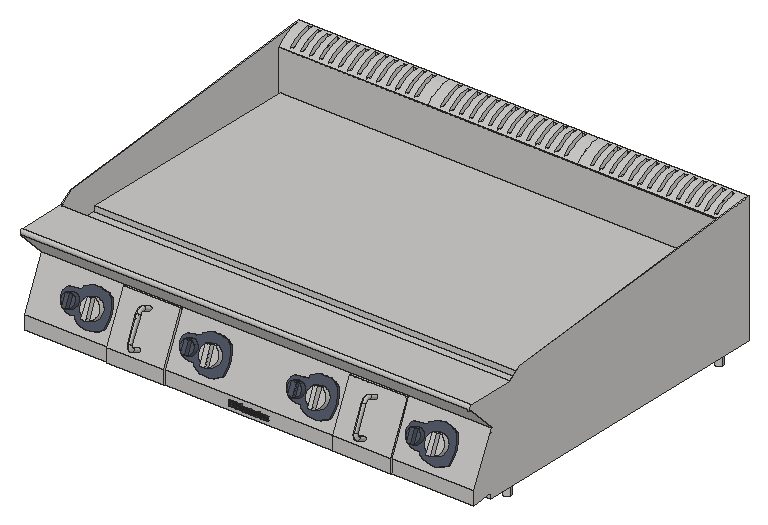
Revit family "QF_ELECTROLUXPROFESSIONAL_391407_E9IIMAAOMIA", category Specialty Equipment, Revit 2018
Family settings
  Round Connector Dimension = Use Diameter
  Part Type = Normal
  Work Plane-Based = No
  Always vertical = Yes
  Cut with Voids When Loaded = No
  Shared = No
  Room Calculation Point = No
Parameters
  Width = 1200 mm
  Weight in Pounds = 150  # constant formula
  Watts = 0 W
  URL Cutsheet = "www.electrolux.com"
  URL = "www.electrolux.com"
  Type Mark [instance] = ""
  Status [instance] = ""
  Specification by User [instance] = ""
  Specification by Manufacturer = ""
  Show Logo [instance] = yes
  Show Clearance [instance] = yes
  Serial Number = ""
  Seismic Rating = ""
  SMACNA No = ""
  Revision Code [instance] = ""
  Omniclass Number and Title = ""
  NAFEM Spec ID Number = ""
  Model = "391061"
  Mechanical Remarks [instance] = ""
  Mechanical Connection Type [instance] = ""
  Masterspec = ""
  Manufacturer = "ELECTROLUX"
  Item Number [instance] = ""
  Installed By [instance] = ""
  Identify Quantity as Lot [instance] = yes
  HP = "0 HP"
  Gas Size = 12.7 mm  # 1/2"
  Gas RI Height [instance] = 0 mm
  Gas KW [instance] = 33  # constant formula
  Gas Input [instance] = 32969.6 VA  # 112497.0 Btu/h
  Gas Connection Height = 0 mm
  Furnished By [instance] = ""
  Foodservice Equipment Identifier [instance] = yes
  Direct Waste Size = 0"
  Description = "900XP GAS FRY TOP, SMOOTH HORIZONTAL PLATE, MILD STEEL HP - 1200mm"
  Depth = 930 mm
  CSI MasterFormat = ""
  CSI Master Format = ""
Reference planes
  plane 1 "BACK": y = 0
  plane 2: z = 0
  plane 3 "LEFT": x = 0
  plane 4 "RIGHT": x = 1200
  plane 5 "FRONT": y = -930
  plane 6 "TOP": z = 369
  plane 7 "Center Y": x = 600
  plane 8 "Center X": y = -465
  plane 9: z = 24
  plane 10: x = 1189
  plane 11: x = 11
  plane 12: z = 275
  plane 13: y = -82
  plane 14: y = -790
  plane 15: x = 8
  plane 16: x = 1192
  plane 17: y = -1106
Forms (mm)
  Extrusion 1, solid, material "QF_Finishes_Stainless Steel"
    sketch origin (0, 0, 0) x (0, 1, 0) y (0, 0, 1)
      loop
        line (-795, 275) -> (-922.639, 275)
        arc (-922.639, 275) -> (-929.44, 270.456) -> (-927.844, 262.434) r 7.361
        line (-927.844, 262.434) -> (-857.044, 191.634) -> (-915, 65.714) -> (-915, 30.922) -> (-860.028, 36.7) -> (-860.028, 24) -> (0, 24) -> (0, 215) -> (-795, 215) -> (-795, 275)
    from 0 to 1200
  Extrusion 2, solid, material "QF_Finishes_Stainless Steel"
    sketch origin (0, 0, 0) x (1, 0, 0) y (0, 1, 0)
      loop
        circle (11, -82) r 9.525
      loop
        circle (11, -790) r 9.525
      loop
        circle (1189, -82) r 9.525
      loop
        circle (1189, -790) r 9.525
    from 0 to 24
  Extrusion 3, solid, material "QF_Finishes_Navy Blue", visible <- "Show Logo"
    sketch origin (201.023, -915, 33.59) x (0, 0, 1) y (-1, 0, 0)
      loop
        line (20.486, -355.047) -> (8.12, -355.047)
        arc (8.12, -355.047) -> (14.303, -359.618) -> (20.486, -355.047) r 6.467
      loop
        arc (20.486, -354.418) -> (19.317, -349.275) -> (14.662, -346.797) r 6.338
        line (14.662, -346.797) -> (14.662, -348.843)
        arc (14.662, -348.843) -> (16.145, -352.498) -> (19.591, -354.418) r 5.941
        line (19.591, -354.418) -> (20.486, -354.418)
      loop
        arc (9.015, -354.418) -> (12.461, -352.498) -> (13.945, -348.843) r 5.941
        line (13.945, -348.843) -> (13.945, -346.797)
        arc (13.945, -346.797) -> (9.25, -349.271) -> (7.961, -354.418) r 6.504
        line (7.961, -354.418) -> (9.015, -354.418)
      loop
        line (21.161, -346.328) -> (7.417, -346.328) -> (7.417, -360.091) -> (21.161, -360.091) -> (21.161, -346.328)
      loop
        arc (21.245, -363.058) -> (20.897, -362.701) -> (20.53, -363.039) r 0.358
        arc (20.53, -363.039) -> (20.216, -363.789) -> (19.499, -364.174) r 1.216
        line (19.499, -364.174) -> (9.087, -364.174)
        arc (9.087, -364.174) -> (8.427, -363.896) -> (8.031, -363.3) r 1.238
        arc (8.031, -363.3) -> (7.636, -363.049) -> (7.33, -363.403) r 0.358
        line (7.33, -363.403) -> (7.33, -373.282) -> (10.081, -373.282) -> (10.081, -372.385)
        arc (10.081, -372.385) -> (9.172, -371.805) -> (8.717, -370.828) r 1.928
        line (8.717, -370.828) -> (8.717, -368.329)
        arc (8.717, -368.329) -> (8.992, -367.6) -> (9.681, -367.236) r 1.101
        line (9.681, -367.236) -> (13.767, -367.236) -> (13.767, -370.909)
        arc (13.767, -370.909) -> (13.415, -371.407) -> (12.849, -371.634) r 1.083
        arc (12.849, -371.634) -> (12.586, -371.94) -> (12.878, -372.218) r 0.292
        line (12.878, -372.218) -> (15.84, -372.218)
        arc (15.84, -372.218) -> (16.143, -371.945) -> (15.904, -371.615) r 0.305
        arc (15.904, -371.615) -> (15.414, -371.367) -> (15.109, -370.909) r 1.083
        line (15.109, -370.909) -> (15.109, -367.236) -> (19.786, -367.236) -> (19.786, -370.983)
        arc (19.786, -370.983) -> (19.572, -371.739) -> (18.965, -372.237) r 1.314
        arc (18.965, -372.237) -> (18.746, -372.641) -> (19.101, -372.933) r 0.361
        line (19.101, -372.933) -> (21.245, -372.933) -> (21.245, -363.058)
      loop
        arc (20.528, -373.714) -> (20.147, -374.633) -> (19.229, -375.013) r 1.299
        line (19.229, -375.013) -> (9.65, -375.013)
        arc (9.65, -375.013) -> (8.812, -374.635) -> (8.54, -373.757) r 1.118
        line (8.54, -373.757) -> (7.33, -373.757) -> (7.33, -379.107) -> (8.519, -379.107)
        arc (8.519, -379.107) -> (8.79, -378.19) -> (9.66, -377.794) r 1.153
        line (9.66, -377.794) -> (21.733, -377.794) -> (20.528, -373.714)
      loop
        line (12.295, -381.743) -> (12.295, -388.191) -> (13.094, -388.191)
        arc (13.094, -388.191) -> (15.675, -387.206) -> (16.943, -384.752) r 3.874
        line (16.943, -384.752) -> (16.943, -382.992)
        arc (16.943, -382.992) -> (15.757, -380.127) -> (12.892, -378.941) r 4.051
        line (12.892, -378.941) -> (10.884, -378.941)
        arc (10.884, -378.941) -> (8.066, -380.426) -> (7.014, -383.433) r 4.352
        arc (7.014, -383.433) -> (7.378, -385.896) -> (8.756, -387.97) r 5.713
        line (8.756, -387.97) -> (9.705, -387.97)
        arc (9.705, -387.97) -> (8.972, -386.401) -> (8.756, -384.683) r 5.579
        arc (8.756, -384.683) -> (9.55, -382.72) -> (11.429, -381.743) r 3.057
        line (11.429, -381.743) -> (12.295, -381.743)
      loop
        line (13.554, -381.743) -> (13.554, -385.325)
        arc (13.554, -385.325) -> (15.011, -385.372) -> (15.894, -384.213) r 1.59
        line (15.894, -384.213) -> (15.894, -383.383)
        arc (15.894, -383.383) -> (15.03, -382.128) -> (13.554, -381.743) r 2.184
      loop
        arc (16.345, -397.608) -> (16.834, -395.934) -> (16.992, -394.197) r 9.023
        line (16.992, -394.197) -> (16.992, -392.835)
        arc (16.992, -392.835) -> (15.832, -390.035) -> (13.033, -388.876) r 3.959
        line (13.033, -388.876) -> (10.432, -388.876)
        arc (10.432, -388.876) -> (8.151, -390.168) -> (7.033, -392.541) r 4.331
        line (7.033, -392.541) -> (7.033, -394.676)
        arc (7.033, -394.676) -> (7.542, -396.226) -> (8.463, -397.572) r 5.772
        arc (8.463, -397.572) -> (9.225, -397.623) -> (9.311, -396.864) r 0.553
        arc (9.311, -396.864) -> (8.924, -396.13) -> (8.79, -395.311) r 2.573
        line (8.79, -395.311) -> (8.79, -393.796)
        arc (8.79, -393.796) -> (9.796, -392.154) -> (11.61, -391.512) r 2.884
        line (11.61, -391.512) -> (12.889, -391.512)
        arc (12.889, -391.512) -> (14.71, -392.072) -> (15.637, -393.737) r 2.554
        line (15.637, -393.737) -> (15.637, -394.79)
        arc (15.637, -394.79) -> (15.305, -395.718) -> (14.648, -396.453) r 2.564
        arc (14.648, -396.453) -> (14.427, -397.17) -> (15.036, -397.608) r 0.643
        line (15.036, -397.608) -> (16.345, -397.608)
      loop
        line (15.327, -397.878) -> (15.327, -399.379) -> (9.279, -399.379)
        arc (9.279, -399.379) -> (7.691, -400.037) -> (7.033, -401.625) r 2.246
        line (7.033, -401.625) -> (7.033, -403.209)
        arc (7.033, -403.209) -> (7.347, -404.073) -> (7.848, -404.845) r 4.06
        arc (7.848, -404.845) -> (8.58, -404.978) -> (8.832, -404.277) r 0.576
        arc (8.832, -404.277) -> (8.726, -403.751) -> (8.79, -403.219) r 1.69
        arc (8.79, -403.219) -> (9.331, -402.431) -> (10.238, -402.128) r 1.506
        line (10.238, -402.128) -> (15.376, -402.128) -> (15.376, -404.525) -> (15.932, -405.081) -> (16.754, -405.081) -> (16.754, -402.222) -> (19.985, -402.222) -> (15.327, -397.878)
      loop
        line (7.251, -405.979) -> (7.251, -411.366) -> (8.361, -411.366)
        arc (8.361, -411.366) -> (8.755, -410.415) -> (9.706, -410.021) r 1.345
        line (9.706, -410.021) -> (13.322, -410.021)
        arc (13.322, -410.021) -> (14.087, -410.613) -> (14.376, -411.535) r 1.615
        line (14.376, -411.535) -> (14.376, -413.091) -> (16.932, -413.776) -> (16.932, -412.393) -> (14.989, -409.834) -> (16.87, -409.834) -> (16.585, -407.128)
        arc (16.585, -407.128) -> (16.146, -406.598) -> (15.487, -406.799) r 0.621
        arc (15.487, -406.799) -> (15.086, -407.141) -> (14.592, -407.324) r 1.501
        line (14.592, -407.324) -> (9.706, -407.324)
        arc (9.706, -407.324) -> (8.755, -406.93) -> (8.361, -405.979) r 1.345
        line (8.361, -405.979) -> (7.251, -405.979)
      loop
        line (13.353, -413.313) -> (10.66, -413.313)
        arc (10.66, -413.313) -> (8.215, -414.621) -> (7.081, -417.151) r 4.288
        arc (7.081, -417.151) -> (7.018, -418.532) -> (7.081, -419.912) r 15.022
        arc (7.081, -419.912) -> (8.215, -422.443) -> (10.66, -423.75) r 4.288
        line (10.66, -423.75) -> (13.353, -423.75)
        arc (13.353, -423.75) -> (15.798, -422.443) -> (16.932, -419.912) r 4.288
        arc (16.932, -419.912) -> (16.996, -418.532) -> (16.932, -417.151) r 15.022
        arc (16.932, -417.151) -> (15.798, -414.621) -> (13.353, -413.313) r 4.288
      loop
        line (13.557, -416.427) -> (10.456, -416.427)
        arc (10.456, -416.427) -> (8.299, -418.584) -> (10.456, -420.741) r 2.157
        line (10.456, -420.741) -> (13.557, -420.741)
        arc (13.557, -420.741) -> (15.714, -418.584) -> (13.557, -416.427) r 2.157
      loop
        arc (20.538, -423.608) -> (20.168, -424.502) -> (19.274, -424.873) r 1.264
        line (19.274, -424.873) -> (9.409, -424.873)
        arc (9.409, -424.873) -> (8.539, -424.476) -> (8.268, -423.56) r 1.153
        line (8.268, -423.56) -> (7.33, -423.56) -> (7.33, -428.668) -> (8.259, -428.668)
        arc (8.259, -428.668) -> (8.618, -427.896) -> (9.409, -427.581) r 1.153
        line (9.409, -427.581) -> (21.733, -427.581) -> (20.538, -423.608)
      loop
        arc (15.658, -428.206) -> (15.459, -429.27) -> (14.49, -429.752) r 1.215
        line (14.49, -429.752) -> (9.47, -429.752)
        arc (9.47, -429.752) -> (7.856, -430.399) -> (7.135, -431.982) r 2.338
        line (7.135, -431.982) -> (7.135, -433.497)
        arc (7.135, -433.497) -> (7.309, -434.501) -> (7.812, -435.387) r 2.979
        line (7.812, -435.387) -> (7.33, -437.184) -> (7.33, -438.872) -> (16.756, -438.872) -> (16.462, -434.669) -> (15.675, -434.669)
        arc (15.675, -434.669) -> (15.32, -435.505) -> (14.567, -436.014) r 1.605
        line (14.567, -436.014) -> (9.465, -436.014)
        arc (9.465, -436.014) -> (9.044, -435.077) -> (8.972, -434.053) r 2.94
        arc (8.972, -434.053) -> (9.532, -432.952) -> (10.686, -432.509) r 1.724
        line (10.686, -432.509) -> (16.882, -432.509) -> (15.658, -428.206)
      loop
        line (16.687, -439.726) -> (15.014, -441.772) -> (11.841, -444.078) -> (8.384, -440.966)
        arc (8.384, -440.966) -> (8.147, -440.572) -> (8.169, -440.113) r 0.789
        line (8.169, -440.113) -> (7.33, -440.113) -> (7.33, -443.658) -> (8.157, -443.658)
        arc (8.157, -443.658) -> (8.499, -443.296) -> (8.989, -443.388) r 0.52
        line (8.989, -443.388) -> (10.789, -444.859) -> (8.67, -446.235)
        arc (8.67, -446.235) -> (8.269, -445.925) -> (8.183, -445.425) r 0.7
        line (8.183, -445.425) -> (7.33, -445.425) -> (7.33, -451.352) -> (8.217, -451.352)
        arc (8.217, -451.352) -> (8.284, -450.693) -> (8.679, -450.162) r 1.247
        line (8.679, -450.162) -> (12.878, -446.881) -> (15.326, -448.934) -> (16.687, -450.676) -> (16.687, -446.952) -> (15.202, -447.375) -> (13.68, -446.098) -> (15.38, -444.908) -> (16.687, -445.684) -> (16.687, -439.726)
    from 0 to 1.644
  Extrusion 4, solid, material "QF_Finishes_Stainless Steel"
    sketch origin (0, 0, 0) x (0, 1, 0) y (0, 0, 1)
      loop
        line (0, 215) -> (0, 369) -> (-761.596, 296.916) -> (-795, 275) -> (-795, 215) -> (0, 215)
    from 0 to 1.6
  Extrusion 5, solid, material "QF_Finishes_Stainless Steel"
    sketch origin (1200, 0, 0) x (0, -1, 0) y (0, 0, 1)
      loop
        line (0, 215) -> (795, 215) -> (795, 275) -> (761.596, 296.916) -> (0, 369) -> (0, 215)
    from 0 to 1.6
  Extrusion 6, solid, material "QF_Finishes_Stainless Steel"
    sketch origin (0, 0, 37.263) x (0, 1, 0) y (0, 0, 1)
      loop
        line (0, 300.038) -> (0, 331.738)
        arc (0, 331.738) -> (-37.941, 322.534) -> (-69.85, 300.038) r 104.419
        line (-69.85, 300.038) -> (0, 300.038)
    from 0 to 400.05
  Extrusion 7, void
    sketch origin (0, 0, 311.9) x (0, -1, 0) y (1, 0, 0)
      loop
        line (6.761, 29.703) -> (63.911, 29.703) -> (63.911, 38.999) -> (6.761, 38.999) -> (6.761, 29.703)
      loop
        line (63.911, 64.487) -> (6.761, 64.487) -> (6.761, 55.191) -> (63.911, 55.191) -> (63.911, 64.487)
      loop
        line (63.911, 89.975) -> (6.761, 89.975) -> (6.761, 80.68) -> (63.911, 80.68) -> (63.911, 89.975)
      loop
        line (63.911, 115.464) -> (6.761, 115.464) -> (6.761, 106.168) -> (63.911, 106.168) -> (63.911, 115.464)
      loop
        line (63.911, 140.952) -> (6.761, 140.952) -> (6.761, 131.656) -> (63.911, 131.656) -> (63.911, 140.952)
      loop
        line (63.911, 166.44) -> (6.761, 166.44) -> (6.761, 157.145) -> (63.911, 157.145) -> (63.911, 166.44)
      loop
        line (63.911, 191.929) -> (6.761, 191.929) -> (6.761, 182.633) -> (63.911, 182.633) -> (63.911, 191.929)
      loop
        line (63.911, 217.417) -> (6.761, 217.417) -> (6.761, 208.121) -> (63.911, 208.121) -> (63.911, 217.417)
      loop
        line (63.911, 242.905) -> (6.761, 242.905) -> (6.761, 233.61) -> (63.911, 233.61) -> (63.911, 242.905)
      loop
        line (63.911, 268.394) -> (6.761, 268.394) -> (6.761, 259.098) -> (63.911, 259.098) -> (63.911, 268.394)
      loop
        line (63.911, 293.882) -> (6.761, 293.882) -> (6.761, 284.586) -> (63.911, 284.586) -> (63.911, 293.882)
      loop
        line (63.911, 319.37) -> (6.761, 319.37) -> (6.761, 310.075) -> (63.911, 310.075) -> (63.911, 319.37)
      loop
        line (63.911, 344.859) -> (6.761, 344.859) -> (6.761, 335.563) -> (63.911, 335.563) -> (63.911, 344.859)
      loop
        line (63.911, 370.347) -> (6.761, 370.347) -> (6.761, 361.051) -> (63.911, 361.051) -> (63.911, 370.347)
    from 27.825 to 63.5
  Extrusion 8, solid, material "QF_Finishes_Stainless Steel"
    sketch origin (400.05, 0, 37.263) x (0, 1, 0) y (0, 0, 1)
      loop
        line (0, 300.038) -> (0, 331.738)
        arc (0, 331.738) -> (-37.941, 322.534) -> (-69.85, 300.038) r 104.419
        line (-69.85, 300.038) -> (0, 300.038)
    from 0 to 400.05
  Extrusion 9, void
    sketch origin (400.05, 0, 311.9) x (0, -1, 0) y (1, 0, 0)
      loop
        line (6.761, 29.703) -> (63.911, 29.703) -> (63.911, 38.999) -> (6.761, 38.999) -> (6.761, 29.703)
      loop
        line (63.911, 64.487) -> (6.761, 64.487) -> (6.761, 55.191) -> (63.911, 55.191) -> (63.911, 64.487)
      loop
        line (63.911, 89.975) -> (6.761, 89.975) -> (6.761, 80.68) -> (63.911, 80.68) -> (63.911, 89.975)
      loop
        line (63.911, 115.464) -> (6.761, 115.464) -> (6.761, 106.168) -> (63.911, 106.168) -> (63.911, 115.464)
      loop
        line (63.911, 140.952) -> (6.761, 140.952) -> (6.761, 131.656) -> (63.911, 131.656) -> (63.911, 140.952)
      loop
        line (63.911, 166.44) -> (6.761, 166.44) -> (6.761, 157.145) -> (63.911, 157.145) -> (63.911, 166.44)
      loop
        line (63.911, 191.929) -> (6.761, 191.929) -> (6.761, 182.633) -> (63.911, 182.633) -> (63.911, 191.929)
      loop
        line (63.911, 217.417) -> (6.761, 217.417) -> (6.761, 208.121) -> (63.911, 208.121) -> (63.911, 217.417)
      loop
        line (63.911, 242.905) -> (6.761, 242.905) -> (6.761, 233.61) -> (63.911, 233.61) -> (63.911, 242.905)
      loop
        line (63.911, 268.394) -> (6.761, 268.394) -> (6.761, 259.098) -> (63.911, 259.098) -> (63.911, 268.394)
      loop
        line (63.911, 293.882) -> (6.761, 293.882) -> (6.761, 284.586) -> (63.911, 284.586) -> (63.911, 293.882)
      loop
        line (63.911, 319.37) -> (6.761, 319.37) -> (6.761, 310.075) -> (63.911, 310.075) -> (63.911, 319.37)
      loop
        line (63.911, 344.859) -> (6.761, 344.859) -> (6.761, 335.563) -> (63.911, 335.563) -> (63.911, 344.859)
      loop
        line (63.911, 370.347) -> (6.761, 370.347) -> (6.761, 361.051) -> (63.911, 361.051) -> (63.911, 370.347)
    from 27.825 to 63.5
  Extrusion 10, solid, material "QF_Finishes_Stainless Steel"
    sketch origin (800.1, 0, 37.263) x (0, 1, 0) y (0, 0, 1)
      loop
        line (0, 300.038) -> (0, 331.738)
        arc (0, 331.738) -> (-37.941, 322.534) -> (-69.85, 300.038) r 104.419
        line (-69.85, 300.038) -> (0, 300.038)
    from 0 to 399.9
  Extrusion 11, void
    sketch origin (800.1, 0, 311.9) x (0, -1, 0) y (1, 0, 0)
      loop
        line (6.761, 29.703) -> (63.911, 29.703) -> (63.911, 38.999) -> (6.761, 38.999) -> (6.761, 29.703)
      loop
        line (63.911, 64.487) -> (6.761, 64.487) -> (6.761, 55.191) -> (63.911, 55.191) -> (63.911, 64.487)
      loop
        line (63.911, 89.975) -> (6.761, 89.975) -> (6.761, 80.68) -> (63.911, 80.68) -> (63.911, 89.975)
      loop
        line (63.911, 115.464) -> (6.761, 115.464) -> (6.761, 106.168) -> (63.911, 106.168) -> (63.911, 115.464)
      loop
        line (63.911, 140.952) -> (6.761, 140.952) -> (6.761, 131.656) -> (63.911, 131.656) -> (63.911, 140.952)
      loop
        line (63.911, 166.44) -> (6.761, 166.44) -> (6.761, 157.145) -> (63.911, 157.145) -> (63.911, 166.44)
      loop
        line (63.911, 191.929) -> (6.761, 191.929) -> (6.761, 182.633) -> (63.911, 182.633) -> (63.911, 191.929)
      loop
        line (63.911, 217.417) -> (6.761, 217.417) -> (6.761, 208.121) -> (63.911, 208.121) -> (63.911, 217.417)
      loop
        line (63.911, 242.905) -> (6.761, 242.905) -> (6.761, 233.61) -> (63.911, 233.61) -> (63.911, 242.905)
      loop
        line (63.911, 268.394) -> (6.761, 268.394) -> (6.761, 259.098) -> (63.911, 259.098) -> (63.911, 268.394)
      loop
        line (63.911, 293.882) -> (6.761, 293.882) -> (6.761, 284.586) -> (63.911, 284.586) -> (63.911, 293.882)
      loop
        line (63.911, 319.37) -> (6.761, 319.37) -> (6.761, 310.075) -> (63.911, 310.075) -> (63.911, 319.37)
      loop
        line (63.911, 344.859) -> (6.761, 344.859) -> (6.761, 335.563) -> (63.911, 335.563) -> (63.911, 344.859)
      loop
        line (63.911, 370.347) -> (6.761, 370.347) -> (6.761, 361.051) -> (63.911, 361.051) -> (63.911, 370.347)
    from 27.825 to 63.5
  Extrusion 12, solid, material "QF_Finishes_Stainless Steel"
    sketch origin (0, 0, 0) x (0, 1, 0) y (0, 0, 1)
      loop
        line (-71.515, 230) -> (-689.956, 230) -> (-689.956, 215) -> (-71.515, 215) -> (-71.515, 230)
    from 8 to 1192
  Extrusion 13, solid, material "QF_Finishes_Stainless Steel"
    sketch origin (0, -795, 215) x (0, 1, 0) y (-1, 0, 0)
      loop
        line (795, -1.6) -> (723.485, -1.6) -> (723.485, -1198.4) -> (795, -1198.4) -> (795, -1.6)
    from 0 to 122.3
  Extrusion 14, solid, material "QF_Finishes_Stainless Steel"
    sketch origin (221.15, -201.228, -3.289) x (0, 1, 0) y (0, 0, 1)
      loop
        line (-657.416, 191.447) -> (-660.323, 192.784) -> (-716.972, 69.704) -> (-716.972, 34.211) -> (-713.772, 34.211) -> (-713.772, 69.003) -> (-657.416, 191.447)
    from 0 to 153.85
  Extrusion 15, solid, material "QF_Door-Drawer Clearances", visible <- "Show Clearance", detail levels coarse
    sketch origin (221.15, -201.228, -3.289) x (0, 1, 0) y (0, 0, 1)
      loop
        line (-660.323, 192.784) -> (-823.717, 192.784) -> (-880.366, 69.704) -> (-880.366, 34.211) -> (-716.972, 34.211) -> (-716.972, 69.704) -> (-660.323, 192.784)
    from 0 to 153.85
  Extrusion 16, solid, material "QF_Finishes_Stainless Steel"
    sketch origin (978.85, -201.228, -3.289) x (0, 1, 0) y (0, 0, -1)
      loop
        line (-657.416, -191.447) -> (-713.772, -69.003) -> (-713.772, -34.211) -> (-716.972, -34.211) -> (-716.972, -69.704) -> (-660.323, -192.784) -> (-657.416, -191.447)
    from 0 to 153.85
  Extrusion 17, solid, material "QF_Door-Drawer Clearances", visible <- "Show Clearance", detail levels coarse
    sketch origin (978.85, -201.228, -3.289) x (0, 1, 0) y (0, 0, -1)
      loop
        line (-660.323, -192.784) -> (-716.972, -69.704) -> (-716.972, -34.211) -> (-880.366, -34.211) -> (-880.366, -69.704) -> (-823.717, -192.784) -> (-660.323, -192.784)
    from 0 to 153.85
  Extrusion 18, solid, material "QF_Finishes_Navy Blue"
    sketch origin (-58.715, -915.512, 64.603) x (0, 0.418102, 0.9084) y (-1, 0, 0)
      loop
        arc (104.355, -502.587) -> (101.326, -501.258) -> (98.25, -500.039) r 91.066
        arc (98.25, -500.039) -> (96.592, -482.449) -> (93.213, -465.107) r 179.528
        arc (93.213, -465.107) -> (69.244, -452.795) -> (45.274, -465.107) r 29.489
        arc (45.274, -465.107) -> (38.909, -481.441) -> (37.449, -498.912) r 61.044
        arc (37.449, -498.912) -> (34.471, -499.962) -> (31.532, -501.116) r 91.066
        arc (31.532, -501.116) -> (19.517, -540.223) -> (32.929, -578.873) r 65.817
        arc (32.929, -578.873) -> (68.105, -585.173) -> (102.996, -577.452) r 91.066
        arc (102.996, -577.452) -> (115.418, -540.233) -> (104.355, -502.587) r 65.546
    from 0 to 3.175
  Extrusion 19, solid, material "QF_Finishes_Stainless Steel"
    sketch origin (320.035, -919.225, 64.128) x (0, 0.418102, 0.9084) y (-1, 0, 0)
      loop
        circle (68.826, -160.963) r 25.4
    from 0 to 12.7
  Extrusion 20, solid, material "QF_Finishes_Stainless Steel"
    sketch origin (320.035, -930.762, 69.438) x (0, 0.418102, 0.9084) y (-1, 0, 0)
      loop
        arc (93.558, -166.749) -> (94.226, -160.963) -> (93.558, -155.177) r 25.4
        line (93.558, -155.177) -> (44.094, -155.177)
        arc (44.094, -155.177) -> (43.426, -160.963) -> (44.094, -166.749) r 25.4
        line (44.094, -166.749) -> (93.558, -166.749)
    from 0 to 12.7
  Extrusion 21, solid, material "QF_Finishes_Navy Blue"
    sketch origin (262.535, -919.225, 64.128) x (0, 0.418102, 0.9084) y (-1, 0, 0)
      loop
        circle (68.826, -160.963) r 18.37
    from 0 to 12.7
  Extrusion 22, solid, material "QF_Finishes_Navy Blue"
    sketch origin (261.244, -930.762, 69.438) x (0, 0.418102, 0.9084) y (-1, 0, 0)
      loop
        arc (84.808, -167.687) -> (85.476, -161.901) -> (84.808, -156.114) r 25.4
        line (84.808, -156.114) -> (52.844, -156.114)
        arc (52.844, -156.114) -> (52.176, -161.901) -> (52.844, -167.687) r 25.4
        line (52.844, -167.687) -> (84.808, -167.687)
    from 0 to 8.112
  Extrusion 23, solid, material "QF_Finishes_Navy Blue"
    sketch origin (-376.215, -915.512, 64.603) x (0, 0.418102, 0.9084) y (-1, 0, 0)
      loop
        arc (104.355, -502.587) -> (101.326, -501.258) -> (98.25, -500.039) r 91.066
        arc (98.25, -500.039) -> (96.592, -482.449) -> (93.213, -465.107) r 179.528
        arc (93.213, -465.107) -> (69.244, -452.795) -> (45.274, -465.107) r 29.489
        arc (45.274, -465.107) -> (38.909, -481.441) -> (37.449, -498.912) r 61.044
        arc (37.449, -498.912) -> (34.471, -499.962) -> (31.532, -501.116) r 91.066
        arc (31.532, -501.116) -> (19.517, -540.223) -> (32.929, -578.873) r 65.817
        arc (32.929, -578.873) -> (68.105, -585.173) -> (102.996, -577.452) r 91.066
        arc (102.996, -577.452) -> (115.418, -540.233) -> (104.355, -502.587) r 65.546
    from 0 to 3.175
  Extrusion 24, solid, material "QF_Finishes_Stainless Steel"
    sketch origin (2.535, -919.225, 64.128) x (0, 0.418102, 0.9084) y (-1, 0, 0)
      loop
        circle (68.826, -160.963) r 25.4
    from 0 to 12.7
  Extrusion 25, solid, material "QF_Finishes_Stainless Steel"
    sketch origin (2.535, -930.762, 69.438) x (0, 0.418102, 0.9084) y (-1, 0, 0)
      loop
        arc (93.558, -166.749) -> (94.226, -160.963) -> (93.558, -155.177) r 25.4
        line (93.558, -155.177) -> (44.094, -155.177)
        arc (44.094, -155.177) -> (43.426, -160.963) -> (44.094, -166.749) r 25.4
        line (44.094, -166.749) -> (93.558, -166.749)
    from 0 to 12.7
  Extrusion 26, solid, material "QF_Finishes_Navy Blue"
    sketch origin (-54.965, -919.225, 64.128) x (0, 0.418102, 0.9084) y (-1, 0, 0)
      loop
        circle (68.826, -160.963) r 18.37
    from 0 to 12.7
  Extrusion 27, solid, material "QF_Finishes_Navy Blue"
    sketch origin (-56.256, -930.762, 69.438) x (0, 0.418102, 0.9084) y (-1, 0, 0)
      loop
        arc (84.808, -167.687) -> (85.476, -161.901) -> (84.808, -156.114) r 25.4
        line (84.808, -156.114) -> (52.844, -156.114)
        arc (52.844, -156.114) -> (52.176, -161.901) -> (52.844, -167.687) r 25.4
        line (52.844, -167.687) -> (84.808, -167.687)
    from 0 to 8.112
  Extrusion 28, solid, material "QF_Finishes_Navy Blue"
    sketch origin (545.135, -915.512, 64.603) x (0, 0.418102, 0.9084) y (-1, 0, 0)
      loop
        arc (104.355, -502.587) -> (101.326, -501.258) -> (98.25, -500.039) r 91.066
        arc (98.25, -500.039) -> (96.592, -482.449) -> (93.213, -465.107) r 179.528
        arc (93.213, -465.107) -> (69.244, -452.795) -> (45.274, -465.107) r 29.489
        arc (45.274, -465.107) -> (38.909, -481.441) -> (37.449, -498.912) r 61.044
        arc (37.449, -498.912) -> (34.471, -499.962) -> (31.532, -501.116) r 91.066
        arc (31.532, -501.116) -> (19.517, -540.223) -> (32.929, -578.873) r 65.817
        arc (32.929, -578.873) -> (68.105, -585.173) -> (102.996, -577.452) r 91.066
        arc (102.996, -577.452) -> (115.418, -540.233) -> (104.355, -502.587) r 65.546
    from 0 to 3.175
  Extrusion 29, solid, material "QF_Finishes_Stainless Steel"
    sketch origin (923.885, -919.225, 64.128) x (0, 0.418102, 0.9084) y (-1, 0, 0)
      loop
        circle (68.826, -160.963) r 25.4
    from 0 to 12.7
  Extrusion 30, solid, material "QF_Finishes_Stainless Steel"
    sketch origin (923.885, -930.762, 69.438) x (0, 0.418102, 0.9084) y (-1, 0, 0)
      loop
        arc (93.558, -166.749) -> (94.226, -160.963) -> (93.558, -155.177) r 25.4
        line (93.558, -155.177) -> (44.094, -155.177)
        arc (44.094, -155.177) -> (43.426, -160.963) -> (44.094, -166.749) r 25.4
        line (44.094, -166.749) -> (93.558, -166.749)
    from 0 to 12.7
  Extrusion 31, solid, material "QF_Finishes_Navy Blue"
    sketch origin (866.385, -919.225, 64.128) x (0, 0.418102, 0.9084) y (-1, 0, 0)
      loop
        circle (68.826, -160.963) r 18.37
    from 0 to 12.7
  Extrusion 32, solid, material "QF_Finishes_Navy Blue"
    sketch origin (865.094, -930.762, 69.438) x (0, 0.418102, 0.9084) y (-1, 0, 0)
      loop
        arc (84.808, -167.687) -> (85.476, -161.901) -> (84.808, -156.114) r 25.4
        line (84.808, -156.114) -> (52.844, -156.114)
        arc (52.844, -156.114) -> (52.176, -161.901) -> (52.844, -167.687) r 25.4
        line (52.844, -167.687) -> (84.808, -167.687)
    from 0 to 8.112
  Extrusion 33, solid, material "QF_Finishes_Navy Blue"
    sketch origin (227.635, -915.512, 64.603) x (0, 0.418102, 0.9084) y (-1, 0, 0)
      loop
        arc (104.355, -502.587) -> (101.326, -501.258) -> (98.25, -500.039) r 91.066
        arc (98.25, -500.039) -> (96.592, -482.449) -> (93.213, -465.107) r 179.528
        arc (93.213, -465.107) -> (69.244, -452.795) -> (45.274, -465.107) r 29.489
        arc (45.274, -465.107) -> (38.909, -481.441) -> (37.449, -498.912) r 61.044
        arc (37.449, -498.912) -> (34.471, -499.962) -> (31.532, -501.116) r 91.066
        arc (31.532, -501.116) -> (19.517, -540.223) -> (32.929, -578.873) r 65.817
        arc (32.929, -578.873) -> (68.105, -585.173) -> (102.996, -577.452) r 91.066
        arc (102.996, -577.452) -> (115.418, -540.233) -> (104.355, -502.587) r 65.546
    from 0 to 3.175
  Extrusion 34, solid, material "QF_Finishes_Stainless Steel"
    sketch origin (606.385, -919.225, 64.128) x (0, 0.418102, 0.9084) y (-1, 0, 0)
      loop
        circle (68.826, -160.963) r 25.4
    from 0 to 12.7
  Extrusion 35, solid, material "QF_Finishes_Stainless Steel"
    sketch origin (606.385, -930.762, 69.438) x (0, 0.418102, 0.9084) y (-1, 0, 0)
      loop
        arc (93.558, -166.749) -> (94.226, -160.963) -> (93.558, -155.177) r 25.4
        line (93.558, -155.177) -> (44.094, -155.177)
        arc (44.094, -155.177) -> (43.426, -160.963) -> (44.094, -166.749) r 25.4
        line (44.094, -166.749) -> (93.558, -166.749)
    from 0 to 12.7
  Extrusion 36, solid, material "QF_Finishes_Navy Blue"
    sketch origin (548.885, -919.225, 64.128) x (0, 0.418102, 0.9084) y (-1, 0, 0)
      loop
        circle (68.826, -160.963) r 18.37
    from 0 to 12.7
  Extrusion 37, solid, material "QF_Finishes_Navy Blue"
    sketch origin (547.594, -930.762, 69.438) x (0, 0.418102, 0.9084) y (-1, 0, 0)
      loop
        arc (84.808, -167.687) -> (85.476, -161.901) -> (84.808, -156.114) r 25.4
        line (84.808, -156.114) -> (52.844, -156.114)
        arc (52.844, -156.114) -> (52.176, -161.901) -> (52.844, -167.687) r 25.4
        line (52.844, -167.687) -> (84.808, -167.687)
    from 0 to 8.112
  Extrusion 38, solid, material "QF_Finishes_Stainless Steel"
    sketch origin (0, 0, 311.9) x (0, 0, 1) y (1, 0, 0)
      loop
        circle (-252.55, 1155) r 6.35
    from 0 to 1.6
  Sweep 39, solid, material "QF_Door-Drawer Clearances", visible <- "Show Clearance", detail levels coarse
    path origin (298.65, -364.622, -3.289) x (0, 1, 0) y (0, 0, 1)
      loop
        line (-670.615, 170.424) -> (-691.243, 179.918)
        arc (-691.243, 179.918) -> (-700.956, 180.294) -> (-708.09, 173.692) r 12.7
        line (-708.09, 173.692) -> (-735.638, 113.839)
        arc (-735.638, 113.839) -> (-736.013, 104.126) -> (-729.411, 96.993) r 12.7
        line (-729.411, 96.993) -> (-708.782, 87.498)
    profile origin (298.65, -1045.551, 171.882) x (0, -0.418102, -0.9084) y (1, 0, 0)
      loop
        circle (0, 0) r 4.572
  Sweep 40, solid, material "QF_Door-Drawer Clearances", visible <- "Show Clearance", detail levels coarse
    path origin (901.35, -364.622, -3.289) x (0, 1, 0) y (0, 0, -1)
      loop
        line (-670.615, -170.424) -> (-691.243, -179.918)
        arc (-691.243, -179.918) -> (-700.956, -180.294) -> (-708.09, -173.692) r 12.7
        line (-708.09, -173.692) -> (-735.638, -113.839)
        arc (-735.638, -113.839) -> (-736.013, -104.126) -> (-729.411, -96.993) r 12.7
        line (-729.411, -96.993) -> (-708.782, -87.498)
    profile origin (901.35, -1045.551, 171.882) x (0, 0.418102, 0.9084) y (-1, 0, 0)
      loop
        circle (0, 0) r 4.572
  Extrusion 41, void
    sketch origin (0, 0, 0) x (1, 0, 0) y (0, 1, 0)
      loop
        circle (299.572, -743.936) r 20
      loop
        circle (900.428, -743.936) r 20
    from 174.463 to 215
  Extrusion 42, solid, material "QF_Clearances", visible <- "Show Clearance", detail levels coarse
    sketch origin (0, 0, 0) x (1, 0, 0) y (0, 1, 0)
      loop
        line (1200, -930) -> (1300, -930) -> (1300, 100) -> (-100, 100) -> (-100, -930) -> (0, -930) -> (0, 0) -> (1200, 0) -> (1200, -930)
    from 0 to 369
  Sweep 43, solid, material "QF_Finishes_Stainless Steel"
    path origin (298.65, -201.228, -3.289) x (0, 1, 0) y (0, 0, 1)
      loop
        line (-670.615, 170.424) -> (-691.243, 179.918)
        arc (-691.243, 179.918) -> (-700.956, 180.294) -> (-708.09, 173.692) r 12.7
        line (-708.09, 173.692) -> (-735.638, 113.839)
        arc (-735.638, 113.839) -> (-736.013, 104.126) -> (-729.411, 96.993) r 12.7
        line (-729.411, 96.993) -> (-708.782, 87.498)
    profile origin (298.65, -882.157, 171.882) x (0, -0.418102, -0.9084) y (1, 0, 0)
      loop
        circle (0, 0) r 4.572
  Sweep 44, solid, material "QF_Finishes_Stainless Steel"
    path origin (901.35, -201.228, -3.289) x (0, 1, 0) y (0, 0, -1)
      loop
        line (-670.615, -170.424) -> (-691.243, -179.918)
        arc (-691.243, -179.918) -> (-700.956, -180.294) -> (-708.09, -173.692) r 12.7
        line (-708.09, -173.692) -> (-735.638, -113.839)
        arc (-735.638, -113.839) -> (-736.013, -104.126) -> (-729.411, -96.993) r 12.7
        line (-729.411, -96.993) -> (-708.782, -87.498)
    profile origin (901.35, -882.157, 171.882) x (0, 0.418102, 0.9084) y (-1, 0, 0)
      loop
        circle (0, 0) r 4.572
Cuts and joins
  Extrusion 41 cuts Extrusion 1
  Extrusion 7, Extrusion 9 cuts Extrusion 6
  Extrusion 9, Extrusion 11 cuts Extrusion 8
  Extrusion 11 cuts Extrusion 10
  joined: Extrusion 1, Extrusion 4, Extrusion 5, Extrusion 6, Extrusion 8, Extrusion 10, Extrusion 13
Lines and regions (mm)
  symbolic lines
    curve 1: circle (299.572, -743.936, 0) r 20 normal (0, 0, 1)
    curve 2: circle (900.428, -743.936, 0) r 20 normal (0, 0, -1)
    curve 3: line (1200, -930, 0) -> (0, -930, 0)
    curve 4: line (0, 0, 0) -> (0, -930, 0)
    curve 5: line (1200, -930, 0) -> (1200, 0, 0)
    curve 6: line (1200, 0, 0) -> (0, 0, 0)
    curve 7: line (8, -689.956, 0) -> (1192, -689.956, 0)
    curve 8: line (1198.4, -795, 0) -> (1.6, -795, 0)
    curve 27: line (0, -71.515, 0) -> (1200, -71.515, 0)
    curve 28: line (1170.447, -63.911, 0) -> (1161.151, -63.911, 0)
    curve 29: line (1170.447, -6.761, 0) -> (1170.447, -63.911, 0)
    curve 30: line (1161.151, -6.761, 0) -> (1170.447, -6.761, 0)
    curve 31: line (1161.151, -63.911, 0) -> (1161.151, -6.761, 0)
    curve 32: line (1144.959, -63.911, 0) -> (1135.663, -63.911, 0)
    curve 33: line (1144.959, -6.761, 0) -> (1144.959, -63.911, 0)
    curve 34: line (1135.663, -6.761, 0) -> (1144.959, -6.761, 0)
    curve 35: line (1135.663, -63.911, 0) -> (1135.663, -6.761, 0)
    curve 36: line (1119.47, -63.911, 0) -> (1110.175, -63.911, 0)
    curve 37: line (1119.47, -6.761, 0) -> (1119.47, -63.911, 0)
    curve 38: line (1110.175, -6.761, 0) -> (1119.47, -6.761, 0)
    curve 39: line (1110.175, -63.911, 0) -> (1110.175, -6.761, 0)
    curve 40: line (1093.982, -63.911, 0) -> (1084.686, -63.911, 0)
    curve 41: line (1093.982, -6.761, 0) -> (1093.982, -63.911, 0)
    curve 42: line (1084.686, -6.761, 0) -> (1093.982, -6.761, 0)
    curve 43: line (1084.686, -63.911, 0) -> (1084.686, -6.761, 0)
    curve 44: line (1068.494, -63.911, 0) -> (1059.198, -63.911, 0)
    curve 45: line (1068.494, -6.761, 0) -> (1068.494, -63.911, 0)
    curve 46: line (1059.198, -6.761, 0) -> (1068.494, -6.761, 0)
    curve 47: line (1059.198, -63.911, 0) -> (1059.198, -6.761, 0)
    curve 48: line (1043.005, -63.911, 0) -> (1033.71, -63.911, 0)
    curve 49: line (1043.005, -6.761, 0) -> (1043.005, -63.911, 0)
    curve 50: line (1033.71, -6.761, 0) -> (1043.005, -6.761, 0)
    curve 51: line (1033.71, -63.911, 0) -> (1033.71, -6.761, 0)
    curve 52: line (1017.517, -63.911, 0) -> (1008.221, -63.911, 0)
    curve 53: line (1017.517, -6.761, 0) -> (1017.517, -63.911, 0)
    curve 54: line (1008.221, -6.761, 0) -> (1017.517, -6.761, 0)
    curve 55: line (1008.221, -63.911, 0) -> (1008.221, -6.761, 0)
    curve 56: line (992.029, -63.911, 0) -> (982.733, -63.911, 0)
    curve 57: line (992.029, -6.761, 0) -> (992.029, -63.911, 0)
    curve 58: line (982.733, -6.761, 0) -> (992.029, -6.761, 0)
    curve 59: line (982.733, -63.911, 0) -> (982.733, -6.761, 0)
    curve 60: line (966.54, -63.911, 0) -> (957.245, -63.911, 0)
    curve 61: line (966.54, -6.761, 0) -> (966.54, -63.911, 0)
    curve 62: line (957.245, -6.761, 0) -> (966.54, -6.761, 0)
    curve 63: line (957.245, -63.911, 0) -> (957.245, -6.761, 0)
    curve 64: line (941.052, -63.911, 0) -> (931.756, -63.911, 0)
    curve 65: line (941.052, -6.761, 0) -> (941.052, -63.911, 0)
    curve 66: line (931.756, -6.761, 0) -> (941.052, -6.761, 0)
    curve 67: line (931.756, -63.911, 0) -> (931.756, -6.761, 0)
    curve 68: line (915.564, -63.911, 0) -> (906.268, -63.911, 0)
    curve 69: line (915.564, -6.761, 0) -> (915.564, -63.911, 0)
    curve 70: line (906.268, -6.761, 0) -> (915.564, -6.761, 0)
    curve 71: line (906.268, -63.911, 0) -> (906.268, -6.761, 0)
    curve 72: line (890.075, -63.911, 0) -> (880.78, -63.911, 0)
    curve 73: line (890.075, -6.761, 0) -> (890.075, -63.911, 0)
    curve 74: line (880.78, -6.761, 0) -> (890.075, -6.761, 0)
    curve 75: line (880.78, -63.911, 0) -> (880.78, -6.761, 0)
    curve 76: line (864.587, -63.911, 0) -> (855.291, -63.911, 0)
    curve 77: line (864.587, -6.761, 0) -> (864.587, -63.911, 0)
    curve 78: line (855.291, -6.761, 0) -> (864.587, -6.761, 0)
    curve 79: line (855.291, -63.911, 0) -> (855.291, -6.761, 0)
    curve 80: line (839.099, -63.911, 0) -> (829.803, -63.911, 0)
    curve 81: line (839.099, -6.761, 0) -> (839.099, -63.911, 0)
    curve 82: line (829.803, -6.761, 0) -> (839.099, -6.761, 0)
    curve 83: line (829.803, -63.911, 0) -> (829.803, -6.761, 0)
    curve 84: line (770.397, -63.911, 0) -> (761.101, -63.911, 0)
    curve 85: line (770.397, -6.761, 0) -> (770.397, -63.911, 0)
    curve 86: line (761.101, -6.761, 0) -> (770.397, -6.761, 0)
    curve 87: line (761.101, -63.911, 0) -> (761.101, -6.761, 0)
    curve 88: line (744.909, -63.911, 0) -> (735.613, -63.911, 0)
    curve 89: line (744.909, -6.761, 0) -> (744.909, -63.911, 0)
    curve 90: line (735.613, -6.761, 0) -> (744.909, -6.761, 0)
    curve 91: line (735.613, -63.911, 0) -> (735.613, -6.761, 0)
    curve 92: line (719.42, -63.911, 0) -> (710.125, -63.911, 0)
    curve 93: line (719.42, -6.761, 0) -> (719.42, -63.911, 0)
    curve 94: line (710.125, -6.761, 0) -> (719.42, -6.761, 0)
    curve 95: line (710.125, -63.911, 0) -> (710.125, -6.761, 0)
    curve 96: line (693.932, -63.911, 0) -> (684.636, -63.911, 0)
    curve 97: line (693.932, -6.761, 0) -> (693.932, -63.911, 0)
    curve 98: line (684.636, -6.761, 0) -> (693.932, -6.761, 0)
    curve 99: line (684.636, -63.911, 0) -> (684.636, -6.761, 0)
    curve 100: line (668.444, -63.911, 0) -> (659.148, -63.911, 0)
    curve 101: line (668.444, -6.761, 0) -> (668.444, -63.911, 0)
    curve 102: line (659.148, -6.761, 0) -> (668.444, -6.761, 0)
    curve 103: line (659.148, -63.911, 0) -> (659.148, -6.761, 0)
    curve 104: line (642.955, -63.911, 0) -> (633.66, -63.911, 0)
    curve 105: line (642.955, -6.761, 0) -> (642.955, -63.911, 0)
    curve 106: line (633.66, -6.761, 0) -> (642.955, -6.761, 0)
    curve 107: line (633.66, -63.911, 0) -> (633.66, -6.761, 0)
    curve 108: line (617.467, -63.911, 0) -> (608.171, -63.911, 0)
    curve 109: line (617.467, -6.761, 0) -> (617.467, -63.911, 0)
    curve 110: line (608.171, -6.761, 0) -> (617.467, -6.761, 0)
    curve 111: line (608.171, -63.911, 0) -> (608.171, -6.761, 0)
    curve 112: line (591.979, -63.911, 0) -> (582.683, -63.911, 0)
    curve 113: line (591.979, -6.761, 0) -> (591.979, -63.911, 0)
    curve 114: line (582.683, -6.761, 0) -> (591.979, -6.761, 0)
    curve 115: line (582.683, -63.911, 0) -> (582.683, -6.761, 0)
    curve 116: line (566.49, -63.911, 0) -> (557.195, -63.911, 0)
    curve 117: line (566.49, -6.761, 0) -> (566.49, -63.911, 0)
    curve 118: line (557.195, -6.761, 0) -> (566.49, -6.761, 0)
    curve 119: line (557.195, -63.911, 0) -> (557.195, -6.761, 0)
    curve 120: line (541.002, -63.911, 0) -> (531.706, -63.911, 0)
    curve 121: line (541.002, -6.761, 0) -> (541.002, -63.911, 0)
    curve 122: line (531.706, -6.761, 0) -> (541.002, -6.761, 0)
    curve 123: line (531.706, -63.911, 0) -> (531.706, -6.761, 0)
    curve 124: line (515.514, -63.911, 0) -> (506.218, -63.911, 0)
    curve 125: line (515.514, -6.761, 0) -> (515.514, -63.911, 0)
    curve 126: line (506.218, -6.761, 0) -> (515.514, -6.761, 0)
    curve 127: line (506.218, -63.911, 0) -> (506.218, -6.761, 0)
    curve 128: line (490.025, -63.911, 0) -> (480.73, -63.911, 0)
    curve 129: line (490.025, -6.761, 0) -> (490.025, -63.911, 0)
    curve 130: line (480.73, -6.761, 0) -> (490.025, -6.761, 0)
    curve 131: line (480.73, -63.911, 0) -> (480.73, -6.761, 0)
    curve 132: line (464.537, -63.911, 0) -> (455.241, -63.911, 0)
    curve 133: line (464.537, -6.761, 0) -> (464.537, -63.911, 0)
    curve 134: line (455.241, -6.761, 0) -> (464.537, -6.761, 0)
    curve 135: line (455.241, -63.911, 0) -> (455.241, -6.761, 0)
    curve 136: line (439.049, -63.911, 0) -> (429.753, -63.911, 0)
    curve 137: line (439.049, -6.761, 0) -> (439.049, -63.911, 0)
    curve 138: line (429.753, -6.761, 0) -> (439.049, -6.761, 0)
    curve 139: line (429.753, -63.911, 0) -> (429.753, -6.761, 0)
    curve 140: line (370.347, -63.911, 0) -> (361.051, -63.911, 0)
    curve 141: line (370.347, -6.761, 0) -> (370.347, -63.911, 0)
    curve 142: line (361.051, -6.761, 0) -> (370.347, -6.761, 0)
    curve 143: line (361.051, -63.911, 0) -> (361.051, -6.761, 0)
    curve 144: line (344.859, -63.911, 0) -> (335.563, -63.911, 0)
    curve 145: line (344.859, -6.761, 0) -> (344.859, -63.911, 0)
    curve 146: line (335.563, -6.761, 0) -> (344.859, -6.761, 0)
    curve 147: line (335.563, -63.911, 0) -> (335.563, -6.761, 0)
    curve 148: line (319.37, -63.911, 0) -> (310.075, -63.911, 0)
    curve 149: line (319.37, -6.761, 0) -> (319.37, -63.911, 0)
    curve 150: line (310.075, -6.761, 0) -> (319.37, -6.761, 0)
    curve 151: line (310.075, -63.911, 0) -> (310.075, -6.761, 0)
    curve 152: line (293.882, -63.911, 0) -> (284.586, -63.911, 0)
    curve 153: line (293.882, -6.761, 0) -> (293.882, -63.911, 0)
    curve 154: line (284.586, -6.761, 0) -> (293.882, -6.761, 0)
    curve 155: line (284.586, -63.911, 0) -> (284.586, -6.761, 0)
    curve 156: line (268.394, -63.911, 0) -> (259.098, -63.911, 0)
    curve 157: line (268.394, -6.761, 0) -> (268.394, -63.911, 0)
    curve 158: line (259.098, -6.761, 0) -> (268.394, -6.761, 0)
    curve 159: line (259.098, -63.911, 0) -> (259.098, -6.761, 0)
    curve 160: line (242.905, -63.911, 0) -> (233.61, -63.911, 0)
    curve 161: line (242.905, -6.761, 0) -> (242.905, -63.911, 0)
    curve 162: line (233.61, -6.761, 0) -> (242.905, -6.761, 0)
    curve 163: line (233.61, -63.911, 0) -> (233.61, -6.761, 0)
    curve 164: line (217.417, -63.911, 0) -> (208.121, -63.911, 0)
    curve 165: line (217.417, -6.761, 0) -> (217.417, -63.911, 0)
    curve 166: line (208.121, -6.761, 0) -> (217.417, -6.761, 0)
    curve 167: line (208.121, -63.911, 0) -> (208.121, -6.761, 0)
    curve 168: line (191.929, -63.911, 0) -> (182.633, -63.911, 0)
    curve 169: line (191.929, -6.761, 0) -> (191.929, -63.911, 0)
    curve 170: line (182.633, -6.761, 0) -> (191.929, -6.761, 0)
    curve 171: line (182.633, -63.911, 0) -> (182.633, -6.761, 0)
    curve 172: line (166.44, -63.911, 0) -> (157.145, -63.911, 0)
    curve 173: line (166.44, -6.761, 0) -> (166.44, -63.911, 0)
    curve 174: line (157.145, -6.761, 0) -> (166.44, -6.761, 0)
    curve 175: line (157.145, -63.911, 0) -> (157.145, -6.761, 0)
    curve 176: line (140.952, -63.911, 0) -> (131.656, -63.911, 0)
    curve 177: line (140.952, -6.761, 0) -> (140.952, -63.911, 0)
    curve 178: line (131.656, -6.761, 0) -> (140.952, -6.761, 0)
    curve 179: line (131.656, -63.911, 0) -> (131.656, -6.761, 0)
    curve 180: line (115.464, -63.911, 0) -> (106.168, -63.911, 0)
    curve 181: line (115.464, -6.761, 0) -> (115.464, -63.911, 0)
    curve 182: line (106.168, -6.761, 0) -> (115.464, -6.761, 0)
    curve 183: line (106.168, -63.911, 0) -> (106.168, -6.761, 0)
    curve 184: line (89.975, -63.911, 0) -> (80.68, -63.911, 0)
    curve 185: line (89.975, -6.761, 0) -> (89.975, -63.911, 0)
    curve 186: line (80.68, -6.761, 0) -> (89.975, -6.761, 0)
    curve 187: line (80.68, -63.911, 0) -> (80.68, -6.761, 0)
    curve 188: line (64.487, -63.911, 0) -> (55.191, -63.911, 0)
    curve 189: line (64.487, -6.761, 0) -> (64.487, -63.911, 0)
    curve 190: line (55.191, -6.761, 0) -> (64.487, -6.761, 0)
    curve 191: line (55.191, -63.911, 0) -> (55.191, -6.761, 0)
    curve 192: line (38.999, -63.911, 0) -> (29.703, -63.911, 0)
    curve 193: line (38.999, -6.761, 0) -> (38.999, -63.911, 0)
    curve 194: line (29.703, -6.761, 0) -> (38.999, -6.761, 0)
    curve 195: line (29.703, -63.911, 0) -> (29.703, -6.761, 0)
    curve 199: line (800.1, -71.515, 0) -> (800.1, 0, 0)
    curve 200: line (400.05, -71.515, 0) -> (400.05, 0, 0)
  symbolic lines, style "QF_Door-Drawer Clearances"
    curve 9: line (221.15, -930, 0) -> (221.15, -1081.594, 0)
    curve 10: line (221.15, -1081.594, 0) -> (294.081, -1081.594, 0)
    curve 11: line (375, -1081.594, 0) -> (375, -930, 0)
    curve 12: spline (294.081, -1035.236, 0) -> (294.113, -1034.988, 0) -> (294.209, -1034.744, 0) -> (294.367, -1034.509, 0) -> (294.585, -1034.286, 0) -> (294.858, -1034.079, 0) -> (295.183, -1033.892, 0) -> (295.552, -1033.728, 0) -> (295.961, -1033.59, 0) -> (296.402, -1033.48, 0) -> (296.868, -1033.4, 0) -> (297.35, -1033.352, 0) -> (297.841, -1033.336, 0)
    curve 13: spline (297.841, -1033.336, 0) -> (298.509, -1033.314, 0) -> (299.178, -1033.332, 0) -> (299.834, -1033.388, 0) -> (300.463, -1033.483, 0) -> (301.053, -1033.614, 0) -> (301.591, -1033.778, 0) -> (302.067, -1033.972, 0) -> (302.47, -1034.193, 0) -> (302.792, -1034.434, 0) -> (303.028, -1034.692, 0) -> (303.171, -1034.961, 0) -> (303.219, -1035.236, 0)
    curve 14: line (294.081, -1035.236, 0) -> (294.081, -1101.431, 0)
    curve 15: line (303.219, -1035.236, 0) -> (303.219, -1101.431, 0)
    curve 16: arc (294.081, -1101.431, 0) -> (298.65, -1106, 0) -> (303.219, -1101.431, 0) r 4.569
    curve 17: line (303.219, -1081.594, 0) -> (375, -1081.594, 0)
    curve 18: line (825, -930, 0) -> (825, -1081.594, 0)
    curve 19: line (825, -1081.594, 0) -> (897.931, -1081.594, 0)
    curve 20: line (978.85, -1081.594, 0) -> (978.85, -930, 0)
    curve 21: spline (897.931, -1035.236, 0) -> (897.963, -1034.988, 0) -> (898.059, -1034.744, 0) -> (898.217, -1034.509, 0) -> (898.435, -1034.286, 0) -> (898.708, -1034.079, 0) -> (899.033, -1033.892, 0) -> (899.402, -1033.728, 0) -> (899.811, -1033.59, 0) -> (900.252, -1033.48, 0) -> (900.718, -1033.4, 0) -> (901.2, -1033.352, 0) -> (901.691, -1033.336, 0)
    curve 22: spline (901.691, -1033.336, 0) -> (902.359, -1033.314, 0) -> (903.028, -1033.332, 0) -> (903.684, -1033.388, 0) -> (904.313, -1033.483, 0) -> (904.903, -1033.614, 0) -> (905.441, -1033.778, 0) -> (905.917, -1033.972, 0) -> (906.32, -1034.193, 0) -> (906.642, -1034.434, 0) -> (906.878, -1034.692, 0) -> (907.021, -1034.961, 0) -> (907.069, -1035.236, 0)
    curve 23: line (897.931, -1035.236, 0) -> (897.931, -1101.431, 0)
    curve 24: line (907.069, -1035.236, 0) -> (907.069, -1101.431, 0)
    curve 25: arc (897.931, -1101.431, 0) -> (902.5, -1106, 0) -> (907.069, -1101.431, 0) r 4.569
    curve 26: line (907.069, -1081.594, 0) -> (978.85, -1081.594, 0)
  symbolic lines, style "QF_Clearances", visible <- "Show Clearance", detail levels coarse
    curve 196: line (1300, -930, 0) -> (1300, 100, 0)
    curve 197: line (1300, 100, 0) -> (-100, 100, 0)
    curve 198: line (-100, 100, 0) -> (-100, -930, 0)
Dimensions and locks
  equal spacing: plane 3 "LEFT", plane 7 "Center Y", plane 4 "RIGHT"
  "Width": plane 3 "LEFT" to plane 4 "RIGHT"
  equal spacing: plane 5 "FRONT", plane 8 "Center X", plane 1 "BACK"
  "Depth": plane 5 "FRONT" to plane 1 "BACK"
  plane 6 "TOP" to level = 369 mm
  plane 6 "TOP" to plane 9 = 345 mm
  locked: plane 4 "RIGHT" to plane 10 at 11
  locked: plane 3 "LEFT" to plane 11 at 11
  plane 11 to plane 10 = 1178 mm
  plane 9 to level = 24 mm
  plane 12 to plane 9 = 251 mm
  plane 1 "BACK" to plane 13 = 82 mm
  plane 13 to plane 14 = 708 mm
  plane 14 to Extrusion 1 = 125 mm
  plane 15 to plane 3 "LEFT" = 8 mm
  locked: plane 16 to plane 4 "RIGHT" at 8
  plane 1 "BACK" to plane 17 = 1106 mm
  Extrusion 38 to plane 4 "RIGHT" = 45 mm
  Extrusion 38 to plane 9 = 29 mm
  aligned and locked: level to plane 2
  aligned and locked: Extrusion 1 to plane 4 "RIGHT"
  aligned and locked: Extrusion 12 to plane 15
  aligned and locked: Extrusion 12 to plane 16
Automatic sketch dimensions
  Extrusion 1 sketch curve to plane 12 = 0 mm
  Extrusion 1 sketch curve to plane 9 = 0 mm
  Extrusion 1 sketch curve to plane 1 "BACK" = 0 mm
  plane 14 to Extrusion 1 sketch curve = 5 mm
  Extrusion 1 sketch curve to Extrusion 1 sketch curve = 62.044 mm
  Extrusion 1 sketch curve to plane 5 "FRONT" = 69.972 mm
  Extrusion 1 sketch curve to plane 5 "FRONT" = 15 mm
  Extrusion 1 sketch curve to plane 5 "FRONT" = 7.361 mm
  Extrusion 1 sketch curve to plane 5 "FRONT" = 2.156 mm
  plane 9 to Extrusion 1 sketch curve = 6.922 mm
  Extrusion 1 sketch curve to Extrusion 1 sketch curve = 12.7 mm
  Extrusion 1 sketch curve to Extrusion 1 sketch curve = 34.792 mm
  Extrusion 1 sketch curve to plane 12 = 83.366 mm
  Extrusion 1 sketch curve to plane 12 = 60 mm
  Extrusion 1 sketch curve to plane 12 = 12.566 mm
  Extrusion 2 sketch curve to plane 11 = 0 mm  (x2)
  Extrusion 2 sketch curve to plane 10 = 0 mm  (x2)
  plane 14 to Extrusion 2 sketch curve = 0 mm  (x2)
  plane 13 to Extrusion 2 sketch curve = 0 mm  (x2)
  plane 9 to Extrusion 3 sketch curve = 11.563 mm
  plane 9 to Extrusion 3 sketch curve = 16.604 mm
  plane 7 "Center Y" to Extrusion 3 sketch curve = 4.232 mm
  Extrusion 3 sketch curve to Extrusion 3 sketch curve = 5.06 mm
  Extrusion 3 sketch curve to Extrusion 3 sketch curve = 0 mm  (x28)
  Extrusion 3 sketch curve to Extrusion 3 sketch curve = 5.108 mm  (x2)
  Extrusion 3 sketch curve to Extrusion 3 sketch curve = 0.054 mm
  Extrusion 3 sketch curve to Extrusion 3 sketch curve = 0.218 mm
  Extrusion 3 sketch curve to Extrusion 3 sketch curve = 0.195 mm
  Extrusion 3 sketch curve to Extrusion 3 sketch curve = 0.249 mm
  plane 9 to Extrusion 3 sketch curve = 16.921 mm
  Extrusion 3 sketch curve to Extrusion 3 sketch curve = 0.087 mm
  Extrusion 3 sketch curve to Extrusion 3 sketch curve = 0.358 mm
  Extrusion 3 sketch curve to Extrusion 3 sketch curve = 0.481 mm
  Extrusion 3 sketch curve to Extrusion 3 sketch curve = 0.597 mm
  Extrusion 3 sketch curve to Extrusion 3 sketch curve = 0.544 mm
  Extrusion 3 sketch curve to Extrusion 3 sketch curve = 0.936 mm
  Extrusion 3 sketch curve to Extrusion 3 sketch curve = 0.594 mm
  Extrusion 3 sketch curve to Extrusion 3 sketch curve = 0.343 mm
  Extrusion 3 sketch curve to Extrusion 3 sketch curve = 0.159 mm
  Extrusion 3 sketch curve to Extrusion 3 sketch curve = 0.826 mm
  Extrusion 3 sketch curve to Extrusion 3 sketch curve = 0.839 mm
  Extrusion 3 sketch curve to Extrusion 3 sketch curve = 0.852 mm
  Extrusion 3 sketch curve to Extrusion 3 sketch curve = 0.887 mm
  Extrusion 3 sketch curve to Extrusion 3 sketch curve = 0.928 mm
  Extrusion 3 sketch curve to Extrusion 3 sketch curve = 0.938 mm
  Extrusion 3 sketch curve to Extrusion 3 sketch curve = 0.444 mm
  Extrusion 3 sketch curve to Extrusion 3 sketch curve = 1.11 mm  (x3)
  Extrusion 3 sketch curve to Extrusion 3 sketch curve = 0.215 mm
  Extrusion 3 sketch curve to plane 7 "Center Y" = 1.405 mm
  Extrusion 3 sketch curve to Extrusion 3 sketch curve = 1.43 mm
  Extrusion 3 sketch curve to Extrusion 3 sketch curve = 1.188 mm
  Extrusion 3 sketch curve to Extrusion 3 sketch curve = 1.21 mm  (x2)
  Extrusion 3 sketch curve to Extrusion 3 sketch curve = 0.503 mm
  Extrusion 3 sketch curve to Extrusion 3 sketch curve = 0.488 mm
  Extrusion 3 sketch curve to Extrusion 3 sketch curve = 0.462 mm
  Extrusion 3 sketch curve to Extrusion 3 sketch curve = 1.386 mm
  Extrusion 3 sketch curve to Extrusion 3 sketch curve = 1.742 mm  (x2)
  Extrusion 3 sketch curve to Extrusion 3 sketch curve = 0.821 mm
  Extrusion 3 sketch curve to Extrusion 3 sketch curve = 0.497 mm
  Extrusion 3 sketch curve to Extrusion 3 sketch curve = 0.539 mm
  Extrusion 3 sketch curve to Extrusion 3 sketch curve = 0.199 mm
  Extrusion 3 sketch curve to Extrusion 3 sketch curve = 0.408 mm
  Extrusion 3 sketch curve to Extrusion 3 sketch curve = 0.528 mm
  Extrusion 3 sketch curve to Extrusion 3 sketch curve = 1.16 mm
  Extrusion 3 sketch curve to Extrusion 3 sketch curve = 0.329 mm
  Extrusion 3 sketch curve to Extrusion 3 sketch curve = 1.054 mm
  Extrusion 3 sketch curve to Extrusion 3 sketch curve = 1.056 mm
  Extrusion 3 sketch curve to Extrusion 3 sketch curve = 0.129 mm
  Extrusion 3 sketch curve to Extrusion 3 sketch curve = 0.489 mm
  Extrusion 3 sketch curve to Extrusion 3 sketch curve = 0.441 mm
  Extrusion 3 sketch curve to Extrusion 3 sketch curve = 1.151 mm
  Extrusion 3 sketch curve to Extrusion 3 sketch curve = 1.141 mm  (x2)
  Extrusion 3 sketch curve to Extrusion 3 sketch curve = 1.23 mm
  Extrusion 3 sketch curve to Extrusion 3 sketch curve = 1.653 mm
  Extrusion 3 sketch curve to Extrusion 3 sketch curve = 0.499 mm
  Extrusion 3 sketch curve to Extrusion 3 sketch curve = 0.964 mm
  Extrusion 3 sketch curve to Extrusion 3 sketch curve = 0.949 mm
  Extrusion 3 sketch curve to Extrusion 3 sketch curve = 1.345 mm  (x2)
  Extrusion 3 sketch curve to Extrusion 3 sketch curve = 0.137 mm  (x2)
  Extrusion 3 sketch curve to Extrusion 3 sketch curve = 0.432 mm
  Extrusion 3 sketch curve to Extrusion 3 sketch curve = 1.142 mm
  Extrusion 3 sketch curve to Extrusion 3 sketch curve = 0.959 mm
  Extrusion 3 sketch curve to Extrusion 3 sketch curve = 0.176 mm
  Extrusion 3 sketch curve to Extrusion 3 sketch curve = 0.728 mm
  Extrusion 3 sketch curve to Extrusion 3 sketch curve = 3.375 mm  (x2)
  Extrusion 3 sketch curve to Extrusion 3 sketch curve = 0.541 mm
  Extrusion 3 sketch curve to Extrusion 3 sketch curve = 0.955 mm
  Extrusion 3 sketch curve to Extrusion 3 sketch curve = 1.251 mm
  Extrusion 3 sketch curve to Extrusion 3 sketch curve = 0.572 mm
  Extrusion 3 sketch curve to Extrusion 3 sketch curve = 1.92 mm
  Extrusion 3 sketch curve to Extrusion 3 sketch curve = 1.224 mm
  Extrusion 3 sketch curve to Extrusion 3 sketch curve = 0.745 mm
  Extrusion 3 sketch curve to Extrusion 3 sketch curve = 2.537 mm
  Extrusion 3 sketch curve to Extrusion 3 sketch curve = 0.896 mm  (x3)
  Extrusion 3 sketch curve to Extrusion 3 sketch curve = 0.036 mm
  Extrusion 3 sketch curve to Extrusion 3 sketch curve = 2.607 mm
  Extrusion 3 sketch curve to Extrusion 3 sketch curve = 0.066 mm
  Extrusion 3 sketch curve to Extrusion 3 sketch curve = 0.248 mm
  Extrusion 3 sketch curve to Extrusion 3 sketch curve = 0.449 mm
  Extrusion 3 sketch curve to Extrusion 3 sketch curve = 1.052 mm
  Extrusion 3 sketch curve to Extrusion 3 sketch curve = 1.863 mm
  Extrusion 3 sketch curve to Extrusion 3 sketch curve = 1.31 mm  (x2)
  Extrusion 3 sketch curve to Extrusion 3 sketch curve = 0.901 mm
  Extrusion 3 sketch curve to Extrusion 3 sketch curve = 1.107 mm
  Extrusion 3 sketch curve to Extrusion 3 sketch curve = 2.122 mm
  Extrusion 3 sketch curve to Extrusion 3 sketch curve = 2.101 mm
  Extrusion 3 sketch curve to Extrusion 3 sketch curve = 0.106 mm
  Extrusion 3 sketch curve to Extrusion 3 sketch curve = 0.029 mm
  Extrusion 3 sketch curve to Extrusion 3 sketch curve = 2.09 mm
  Extrusion 3 sketch curve to Extrusion 3 sketch curve = 1.279 mm
  Extrusion 3 sketch curve to Extrusion 3 sketch curve = 2.008 mm
  Extrusion 3 sketch curve to Extrusion 3 sketch curve = 0.738 mm
  Extrusion 3 sketch curve to Extrusion 3 sketch curve = 0.382 mm
  Extrusion 3 sketch curve to Extrusion 3 sketch curve = 0.384 mm
  Extrusion 3 sketch curve to Extrusion 3 sketch curve = 0.002 mm
  Extrusion 3 sketch curve to Extrusion 3 sketch curve = 0.561 mm
  Extrusion 3 sketch curve to Extrusion 3 sketch curve = 0.592 mm
